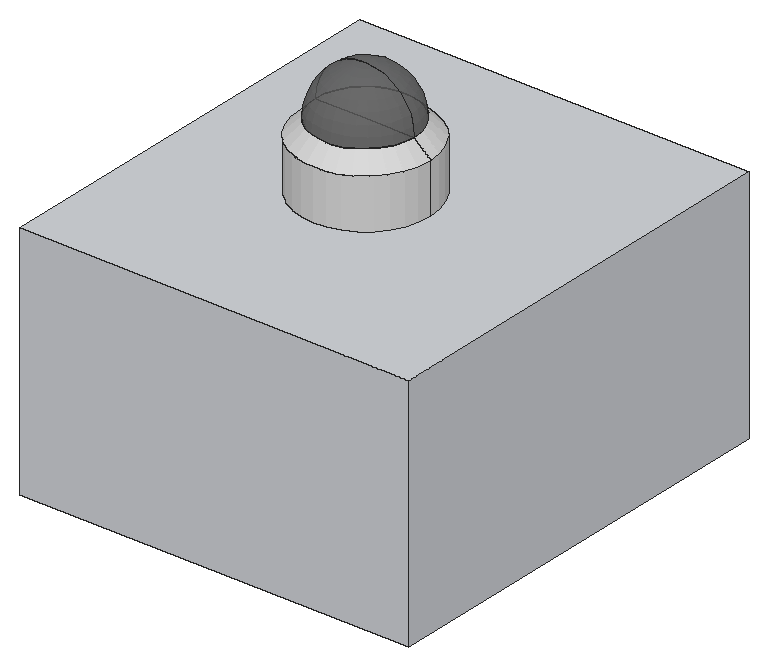
Revit family
Parameters (values of type "CF624")
  z Type = 5
  z Dome Smoked Visible [instance] = not(z Dome Clear Visible)  # yes
  z Dome Radius = (Height - z Base Height)  # 1.625"
  z Dome Material Smoked = Glass - Panasonic - Smoked
  z Dome Height Offset [instance] = if(Has Ceiling Mount, 0.500", z Base Height)  # 2.125"
  z Dome Clear Visible [instance] = and(z Type = 3, Has Clear Dome)  # no
  z Camera Height = 3.625"
  z Bracket Radius = z Dome Radius + 1.250"  # 2.875"
  z Base is Visible [instance] = not(Has Ceiling Mount)  # yes
  z Base Radius = (Diameter / 2)  # 2.125"
  z Base Height = 2.125"
  Wide Dynamic Range (Super Dynamic) = yes
  Weight = 0.705477 lbf
  Voltage AC = 24 V
  Vandal Resistant = no
  URL = "http://security.panasonic.com/pss/security/"
  Tilting Range = "-90 to +90"
  Storage Temperature = "14°F - 122°F"  # constant formula
  Regulatory Compliance = "UL 60065, FCC Part 15 Class A, C-UL E60065, ICES 003"
  Provide Feedback = "https://www.surveymonkey.com/s/95FL6QY"
  Product Page URL = "http://security.panasonic.com/pss/security/products/an/fdc00.html#WVCF600"
  Product Material = Paint - Panasonic - Sail White
  Product Documentation Link = "http://ssbu-t.psn-web.net/Products/Analogue_camera/WV-CF600_Series/Specsheet/English/NTSC/WV-CF600_2A-096L.pdf"
  Power Active = 2.5 W
  Part Number = Model  # "WV-CF624"
  Part Description = Description  # "Super Dynamic 6 Day/Night Fixed Dome Camera"
  Panning Range = "+180 to -170"
  Original Creation Date = "Jun 10, 2014"
  Operational Temperature = "14°F - 122°F"  # constant formula
  Operational Humidity = "90% or less (without condensation)"
  Mounting Positions = "Mount Dependent"
  Model Disclaimer = "Contact Panasonic for more information"  # constant formula
  Model = "WV-CF624"
  Minimum Illumination = 0.01 lx
  Manufacturer = "Panasonic"  # constant formula
  Lens Mount = "Proprietary"
  Indoor Or Outdoor = "Indoor"
  IP Or Analog = "Analog"
  Height = 3.750"
  Has Clear Dome [instance] = no
  Has Ceiling Mount [instance] = no
  Family Version = "1.0.0"  # constant formula
  Equipment Number [instance] = ""
  Equipment Abbreviation = "SC"
  Dome Part Number [instance] = if(and(z Type = 1, Has Clear Dome), "Smoke Dome Only", if(z Type = 1, "WV-CF5S", if(and(z Type = 2, Has Clear Dome), "Smoke Dome Only", if(z Type = 2, "WV-CF5S", if(and(z Type = 3, Has Clear Dome), "WV-NF5C", if(z Type = 3, "WV-NF5S", if(and(z Type = 5, Has Clear Dome), "Smoke Dome Only", if(z Type = 5, "Supplied Dome", if(and(z Type = 6, Has Clear Dome), "Smoke Dome Only", if(z Type = 6, "Supplied Dome", if(and(z Type = 7, Has Clear Dome), "Smoke Dome Only", "Select One Option")))))))))))  # "Supplied Dome"
  Diameter = 4.250"
  Description = "Super Dynamic 6 Day/Night Fixed Dome Camera"
  Default Elevation = 0.000"
  Day Or Night = "Yes"
  Date Last Modified = "Jun 10, 2014"
  Copyright = "Copyright © Panasonic"  # constant formula
  Communication Ports = "BNC (1 Vp-p)"
  Auto Back Focus = yes
  Angle Of View = "100.8"
  Accessory Part Number [instance] = if(and(z Type = 1, Has Ceiling Mount), "WV-Q168", if(z Type = 1, "Select One Option", if(and(z Type = 2, Has Ceiling Mount), "WV-Q168", if(z Type = 2, "Select One Option", if(and(z Type = 3, Has Ceiling Mount), "Not Available", if(z Type = 3, "Select One Option", if(and(z Type = 5, Has Ceiling Mount), "WV-Q174", if(z Type = 5, "Select One Option", if(and(z Type = 6, Has Ceiling Mount), "WV-Q174", if(z Type = 6, "Select One Option", if(and(z Type = 7, Has Ceiling Mount), "WV-Q175", if(z Type = 7, "Select One Option", "Not Available"))))))))))))  # "Select One Option"
Types (3): name | z Type | Part Number | Model | Auto Back Focus
  (no name) | 5 | "WV-CF624" | "WV-CF624" | yes
  CF624 | 5 | "WV-CF624" | "WV-CF624" | yes
  CF634 | 6 | "WV-CF634" | "WV-CF634" | no
Reference planes (in)
  plane 1 "Center (Front/Back)": y = 0
  plane 2: z = 0
  plane 3 "Center (Left/Right)": x = 0
  plane 4: z = 0
  plane 5: x = -2.125
  plane 6: x = -1.625
  plane 7: x = 2.5625
  plane 8: z = 2.125
  plane 9: z = 1.625
  plane 10: z = 3.75
Forms (in)
  Extrusion 1, solid
    sketch origin (0, 0, 0) x (1, 0, 0) y (0, 1, 0)
      loop
        line (-5.65138, 6.85016) -> (-5.65138, -7.02141) -> (7.02141, -7.02141) -> (7.02141, 6.85016) -> (-5.65138, 6.85016)
    from 0 to -7.78407
  Revolve 2, solid, material "Paint - Panasonic - Sail White" <- "Product Material", visible <- "z Base is Visible"
    sketch origin (0, 0, 0) x (1, 0, 0) y (0, 0, 1)
      loop
        line (0, 0) -> (0, 2.125) -> (-1.625, 2.125) -> (-2.125, 1.625) -> (-2.125, 0) -> (0, 0)
      axis (0, 2.125) -> (0, 0)
    angle from 0 to 360
  Revolve 3, solid, material "Glass - Panasonic - Smoked" <- "z Dome Material Smoked", visible <- "z Dome Clear Visible"
    sketch origin (0, 0, 0) x (1, 0, 0) y (0, 0, 1)
      loop
        line (-1.625, 2.125) -> (0, 2.125) -> (0, 3.75)
        arc (0, 3.75) -> (-1.14905, 3.27405) -> (-1.625, 2.125) r 1.625
      axis (0, 3.75) -> (0, 2.125)
    angle from 0 to 360
  Revolve 4, solid, material "Glass - Panasonic - Smoked", visible <- "z Dome Smoked Visible"
    sketch origin (0, 0, 0) x (1, 0, 0) y (0, 0, 1)
      loop
        arc (0, 3.75) -> (-1.14905, 3.27405) -> (-1.625, 2.125) r 1.625
        line (-1.625, 2.125) -> (0, 2.125) -> (0, 3.75)
      axis (0, 3.75) -> (0, 2.125)
    angle from 0 to 360
Lines and regions (in)
  Masking region 1, visible <- "z Base is Visible"
    outline origin (0, 0, 0) x (1, 0, 0) y (0, 1, 0)
      loop
        circle (0, 0) r 2.125
  Masking region 2, visible <- "Has Ceiling Mount"
    outline origin (0, 0, 0) x (1, 0, 0) y (0, 1, 0)
      loop
        circle (0, 0) r 2.875
  Masking region 3, detail levels fine
    outline origin (0, 0, 0) x (1, 0, 0) y (0, 1, 0)
      loop
        circle (0, 0) r 1.75
Dimensions and locks (in)
  "z Base Height": plane 8 to plane 4
  "z Base Radius": plane 3 "Center (Left/Right)" to plane 5
  locked: plane 8 to plane 9 at 0.5
  "z Dome Radius": plane 3 "Center (Left/Right)" to plane 6
  "z Dome Radius": plane 10 to plane 8
  "z Dome Height Offset": plane 8 to plane 2
  "z Base Radius": radius of Masking region 1 sketch curve
  "z Bracket Radius": radius of Masking region 2 sketch curve
  aligned and locked: plane 2 to Extrusion 1
  aligned and locked: level to Extrusion 1
  aligned and locked: plane 5 to Revolve 2 sketch curve
  aligned and locked: plane 9 to Revolve 2 sketch curve
  aligned and locked: plane 6 to Revolve 2 sketch curve
  aligned and locked: plane 4 to Revolve 2 sketch curve
  aligned and locked: Revolve 2 sketch curve to plane 3 "Center (Left/Right)"
  aligned and locked: plane 8 to Revolve 2 sketch curve
  aligned and locked: Revolve 2 sketch curve to plane 5
  aligned and locked: plane 3 "Center (Left/Right)" to Revolve 3 sketch curve
  aligned and locked: plane 8 to Revolve 3 sketch curve
  aligned and locked: plane 3 "Center (Left/Right)" to Revolve 4 sketch curve
  aligned and locked: plane 8 to Revolve 4 sketch curve
  aligned and locked: plane 10 to Revolve 4 sketch curve
  aligned and locked: plane 6 to Revolve 4 sketch curve
Automatic sketch dimensions
  Extrusion 1 sketch curve to Extrusion 1 sketch curve = 12.67279"
  Extrusion 1 sketch curve to Extrusion 1 sketch curve = 13.87157"
  Revolve 2 sketch curve to plane 3 "Center (Left/Right)" = 0.000"
  plane 9 to Revolve 2 sketch curve = 0.11875"
  Revolve 2 sketch curve to Revolve 2 sketch curve = 0.250"
  Revolve 3 sketch curve to plane 6 = 0.000"
  Revolve 3 sketch curve to plane 3 "Center (Left/Right)" = 0.000"
  Revolve 3 sketch curve to Revolve 3 sketch curve = 0.82961"
  Revolve 3 sketch curve to Revolve 3 sketch curve = 0.250"
  plane 1 "Center (Front/Back)" to Masking region 1 sketch curve = 0.000"
  Masking region 1 sketch curve to plane 3 "Center (Left/Right)" = 0.000"
  plane 1 "Center (Front/Back)" to Masking region 2 sketch curve = 0.000"
  Masking region 2 sketch curve to plane 3 "Center (Left/Right)" = 0.000"
  Revolve 4 sketch curve to plane 3 "Center (Left/Right)" = 0.000"
  plane 10 to Revolve 4 sketch curve = 0.344"
  Revolve 4 sketch curve to Revolve 4 sketch curve = 0.156"
  plane 1 "Center (Front/Back)" to Masking region 3 sketch curve = 0.000"
  Masking region 3 sketch curve to plane 3 "Center (Left/Right)" = 0.000"
  radius of Masking region 3 sketch curve = 1.750"
Nested families (in)
  nested 1: "Mount - Camera-Security-Panasonic-Fixed_Dome" at (0, 0, 0), Has Ceiling Mount <- "Has Ceiling Mount", Dome Radius <- "z Dome Radius", Product Material <- "Product Material", type "Mount"
    with z Bracket Radius 3.195", Product Material Paint - Panasonic - Sail White, Has Ceiling Mount no, Equipment Number "", Dome Radius 1.625"
Connectors (in)
  electrical at (0, 0, 0), driven by "Voltage AC", driven by "Power Active"
    settings: on Revolve 2, index 1, voltage 24 V, apparent load 2.5 W, apparent load phase1 0.0 W, apparent load phase2 0.0 W, apparent load phase3 0.0 W, power factor 1, load classification "Other", number of poles 1, system type 30, power factor state 1, is connector primary yes, connector utility no, sub classification motor no, connector description "Electrical Connector"
Definition of nested family "Mount - Camera-Security-Panasonic-Fixed_Dome"
  Parameters (values of type "Mount")
    z Bracket Radius [instance] = Dome Radius + 1.570"  # 3.820"
    URL = "http://panasonic.net"
    Provide Feedback = "https://www.surveymonkey.com/s/95FL6QY"
    Product Material [instance] = Paint - Panasonic - Silver
    Product Documentation Link = ""
    Part Number = Model  # "WV-Q175"
    Part Description = ""
    Original Creation Date = "*8/13/2012"
    Model Disclaimer = "*Contact Panasonic for more information"
    Model = "WV-Q175"
    Manufacturer = "*Panasonic"
    Keynote = ""
    Has Ceiling Mount [instance] = yes
    Family Version = "*1.0.0"
    Equipment Number [instance] = ""
    Equipment Abbreviation = ""
    Dome Radius [instance] = 2.250"
    Default Elevation = 0.000"
    Date Last Modified = "*8/13/2012"
    Copyright = "*Copyright © Panasonic"
    Assembly Code = ""
  Reference planes (in)
    plane 1 "Center (Front/Back)": y = 0
    plane 2: z = 0
    plane 3 "Center (Left/Right)": x = 0
    plane 4: z = 0.5
    plane 5: z = 0.125
    plane 6: x = -3.82
    plane 7: z = 0
    plane 8: x = -2.25
    plane 9: z = 0.32
    plane 10: z = 4.32
    plane 11: z = 3.146
    plane 12: z = 3.814
    plane 13: z = -3.63
    plane 14: z = -3.24904
    plane 15: z = -3.12404
    plane 16: z = 5.5
    plane 17: z = 7.75
    plane 18: y = -2.75
    plane 19: y = 2.75
    plane 20: z = 0.5
    plane 21: y = -1.56732
    plane 22: y = 1.33268
    plane 23: x = 3.05
    plane 24: x = 3.25
    plane 25: x = 3.1565
    plane 26: y = -3.25
    plane 27: y = -3
    plane 28: x = 2.9065
    plane 29: x = 3.7815
    plane 30: x = -3.7815
    plane 31: y = 0.375
    plane 32: y = -0.375
  Forms (in)
    Extrusion 1, solid
      sketch origin (0, 0, 0) x (1, 0, 0) y (0, 1, 0)
        loop
          line (-48, 48) -> (-48, -48) -> (48, -48) -> (48, 48) -> (-48, 48)
      from 0 to -12
    Revolve 2, solid, material "Paint - Panasonic - Silver" <- "Product Material", visible <- "Has Ceiling Mount"
      sketch origin (0, 0, 0) x (1, 0, 0) y (0, 0, 1)
        loop
          line (-3.82, 0.125) -> (-3.82, 0) -> (-2.25, 0) -> (-2.25, 0.5) -> (-3.82, 0.125)
        axis (0, 0) -> (0, 0.5)
      angle from 0 to 360
  Lines and regions (in)
    Masking region 1, visible <- "Has Ceiling Mount"
      outline origin (0, 0, 0) x (1, 0, 0) y (0, 1, 0)
        loop
          circle (0, 0) r 3.82
  Dimensions and locks (in)
    locked: plane 5 to plane 7 at 0.125
    locked: plane 4 to plane 7 at 0.5
    locked: plane 6 to plane 8 at 1.57
    "Dome Radius": plane 3 "Center (Left/Right)" to plane 8
    plane 16 to Extrusion 1 = 5.500"
    locked: plane 21 to plane 22 at 2.9
    "z Bracket Radius": radius of Masking region 1 sketch curve
    aligned and locked: plane 2 to Extrusion 1
    aligned and locked: level to Extrusion 1
  Automatic sketch dimensions
    Extrusion 1 sketch curve to Extrusion 1 sketch curve = 96.000"  (x2)
    Revolve 2 sketch curve to plane 5 = 0.000"
    plane 6 to Revolve 2 sketch curve = 0.000"
    Revolve 2 sketch curve to level = 0.000"
    Revolve 2 sketch curve to plane 8 = 0.000"
    Revolve 2 sketch curve to plane 3 "Center (Left/Right)" = 0.000"
    Revolve 2 sketch curve to plane 4 = 0.000"
    plane 4 to Revolve 2 sketch curve = 0.13987"
    Revolve 2 sketch curve to Revolve 2 sketch curve = 0.17601"
    plane 1 "Center (Front/Back)" to Masking region 1 sketch curve = 0.000"
    Masking region 1 sketch curve to plane 3 "Center (Left/Right)" = 0.000"
